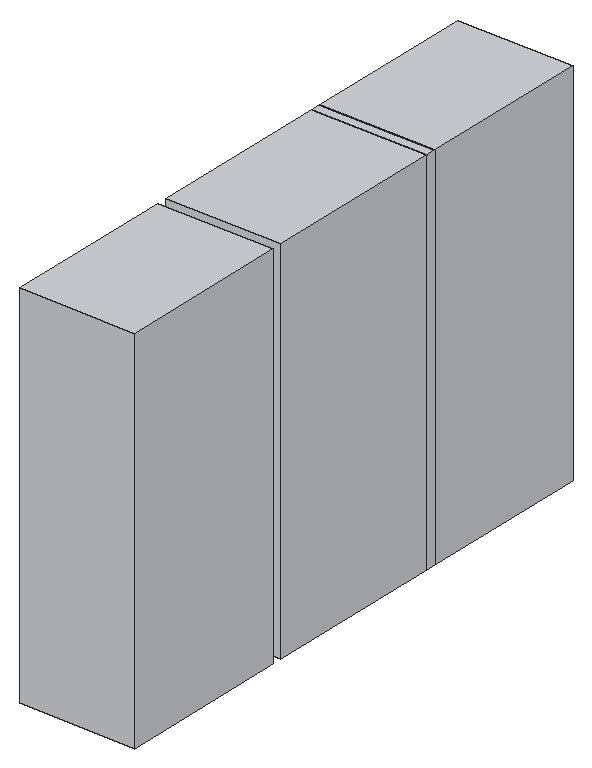
Revit family "MDC-Rack-Master-V2", category Communication Devices, Revit 2023
Family settings
  Round Connector Dimension = Use Diameter
  Part Type = Normal
  Work Plane-Based = No
  Always vertical = Yes
  Cut with Voids When Loaded = No
  Maintain Annotation Orientation = No
  Shared = No
  Room Calculation Point = No
Parameters (values of type "Default")
  Width = 2' - 0"
  Voltage = 120 V
  URL = "https://midwestdesigncreation.com"
  Show Clearance = yes
  Right Manager = no
  Rear Door Visible = and(Is Cabinet, Rear Door)  # yes
  Rear Door = yes
  Rear Clearance = 3' - 0"
  Rack Units = 42
  Post Size = 0' - 2"
  Number of Poles = 1
  Manufacturer = "Midwest Design Creation"
  Manager Width = 0' - 6"
  Left Manager = no
  Is Cabinet = yes
  Is 4 Post = no
  Is 2 Post = no
  Height = Rack Units * 0' 1 3/4" + Frame Allowance  # 6' - 5 1/2"
  Front Door Visible = and(Is Cabinet, Front Door)  # no
  Front Door = no
  Front Clearance = 3' - 0"
  Frame Allowance = 0' - 4"
  Depth = 3' - 6"
  Default Elevation = 0' - 0"
  Apparent Load = 5000 VA
Reference planes (in)
  plane 1 "Center (Front/Back)": y = 0
  plane 2: z = 0
  plane 3 "Center (Left/Right)": x = 0
  plane 4 "Left": x = -12
  plane 5 "Right": x = 12
  plane 6 "Back": y = 42
  plane 7 "Front Clearance": y = -36
  plane 8 "Rear Clearance": y = 78
  plane 9 "Left Post": x = -10
  plane 10 "Right Post": x = 10
  plane 11 "Front Post": y = 2
  plane 12 "Back Post": y = 40
  plane 13 "Mid Depth": y = 21
  plane 14 "Upright Front": y = 20
  plane 15 "Upright Back": y = 22
  plane 16 "Left Manager Outer": x = -18
  plane 17 "Right Manager Outer": x = 18
  plane 18 "Top": z = 77.5
Forms (in)
  Extrusion 1, solid, visible <- "Is Cabinet"
    sketch origin (0, 0, 0) x (1, 0, 0) y (0, 1, 0)
      loop
        line (-12, 2) -> (12, 2) -> (12, 40) -> (-12, 40) -> (-12, 2)
    from 0 to 77.5 <- "Height"
  Extrusion 2, solid, visible <- "Front Door Visible"
    sketch origin (0, 0, 0) x (1, 0, 0) y (0, 1, 0)
      loop
        line (-12, 0) -> (12, 0) -> (12, 2) -> (-12, 2) -> (-12, 0)
    from 0 to 77.5 <- "Height"
  Extrusion 3, solid, visible <- "Rear Door Visible"
    sketch origin (0, 0, 0) x (1, 0, 0) y (0, 1, 0)
      loop
        line (-12, 40) -> (12, 40) -> (12, 42) -> (-12, 42) -> (-12, 40)
    from 0 to 77.5 <- "Height"
  Extrusion 4, solid, visible <- "Is 4 Post"
    sketch origin (0, 0, 0) x (1, 0, 0) y (0, 1, 0)
      loop
        line (-12, 0) -> (-10, 0) -> (-10, 2) -> (-12, 2) -> (-12, 0)
    from 0 to 77.5 <- "Height"
  Extrusion 5, solid, visible <- "Is 4 Post"
    sketch origin (0, 0, 0) x (1, 0, 0) y (0, 1, 0)
      loop
        line (10, 0) -> (12, 0) -> (12, 2) -> (10, 2) -> (10, 0)
    from 0 to 77.5 <- "Height"
  Extrusion 6, solid, visible <- "Is 4 Post"
    sketch origin (0, 0, 0) x (1, 0, 0) y (0, 1, 0)
      loop
        line (-12, 40) -> (-10, 40) -> (-10, 42) -> (-12, 42) -> (-12, 40)
    from 0 to 77.5 <- "Height"
  Extrusion 7, solid, visible <- "Is 4 Post"
    sketch origin (0, 0, 0) x (1, 0, 0) y (0, 1, 0)
      loop
        line (10, 40) -> (12, 40) -> (12, 42) -> (10, 42) -> (10, 40)
    from 0 to 77.5 <- "Height"
  Extrusion 8, solid, visible <- "Is 2 Post"
    sketch origin (0, 0, 0) x (1, 0, 0) y (0, 1, 0)
      loop
        line (-12, 20) -> (-10, 20) -> (-10, 22) -> (-12, 22) -> (-12, 20)
    from 0 to 77.5 <- "Height"
  Extrusion 9, solid, visible <- "Is 2 Post"
    sketch origin (0, 0, 0) x (1, 0, 0) y (0, 1, 0)
      loop
        line (10, 20) -> (12, 20) -> (12, 22) -> (10, 22) -> (10, 20)
    from 0 to 77.5 <- "Height"
  Extrusion 10, solid, visible <- "Is 2 Post"
    sketch origin (0, 0, 0) x (1, 0, 0) y (0, 1, 0)
      loop
        line (-12, 0) -> (-10, 0) -> (-10, 42) -> (-12, 42) -> (-12, 0)
    from 0 to 2 <- "Post Size"
  Extrusion 11, solid, visible <- "Is 2 Post"
    sketch origin (0, 0, 0) x (1, 0, 0) y (0, 1, 0)
      loop
        line (10, 0) -> (12, 0) -> (12, 42) -> (10, 42) -> (10, 0)
    from 0 to 2 <- "Post Size"
  Extrusion 12, solid, visible <- "Left Manager"
    sketch origin (0, 0, 0) x (1, 0, 0) y (0, 1, 0)
      loop
        line (-18, 0) -> (-12, 0) -> (-12, 42) -> (-18, 42) -> (-18, 0)
    from 0 to 77.5 <- "Height"
  Extrusion 13, solid, visible <- "Right Manager"
    sketch origin (0, 0, 0) x (1, 0, 0) y (0, 1, 0)
      loop
        line (12, 0) -> (18, 0) -> (18, 42) -> (12, 42) -> (12, 0)
    from 0 to 77.5 <- "Height"
  Extrusion 14, solid, visible <- "Show Clearance"
    sketch origin (0, 0, 0) x (1, 0, 0) y (0, 1, 0)
      loop
        line (-12, -36) -> (12, -36) -> (12, 0) -> (-12, 0) -> (-12, -36)
    from 0 to 77.5 <- "Height"
  Extrusion 15, solid, visible <- "Show Clearance"
    sketch origin (0, 0, 0) x (1, 0, 0) y (0, 1, 0)
      loop
        line (-12, 42) -> (12, 42) -> (12, 78) -> (-12, 78) -> (-12, 42)
    from 0 to 77.5 <- "Height"
Dimensions and locks (in)
  equal spacing: plane 4 "Left", plane 3 "Center (Left/Right)", plane 5 "Right"
  "Width": plane 4 "Left" to plane 5 "Right"
  "Depth": plane 1 "Center (Front/Back)" to plane 6 "Back"
  "Front Clearance": plane 7 "Front Clearance" to plane 1 "Center (Front/Back)"
  "Rear Clearance": plane 6 "Back" to plane 8 "Rear Clearance"
  "Post Size": plane 4 "Left" to plane 9 "Left Post"
  "Post Size": plane 10 "Right Post" to plane 5 "Right"
  "Post Size": plane 1 "Center (Front/Back)" to plane 11 "Front Post"
  "Post Size": plane 12 "Back Post" to plane 6 "Back"
  equal spacing: plane 1 "Center (Front/Back)", plane 13 "Mid Depth", plane 6 "Back"
  equal spacing: plane 14 "Upright Front", plane 13 "Mid Depth", plane 15 "Upright Back"
  "Post Size": plane 14 "Upright Front" to plane 15 "Upright Back"
  "Manager Width": plane 16 "Left Manager Outer" to plane 4 "Left"
  "Manager Width": plane 5 "Right" to plane 17 "Right Manager Outer"
  "Height": level to plane 18 "Top"
  aligned and locked: plane 2 to level
  aligned and locked: plane 4 "Left" to Extrusion 1
  aligned and locked: Extrusion 1 to plane 5 "Right"
  aligned and locked: Extrusion 1 to plane 11 "Front Post"
  aligned and locked: plane 12 "Back Post" to Extrusion 1
  aligned and locked: plane 4 "Left" to Extrusion 2
  aligned and locked: Extrusion 2 to plane 5 "Right"
  aligned and locked: plane 1 "Center (Front/Back)" to Extrusion 2
  aligned and locked: plane 11 "Front Post" to Extrusion 2
  aligned and locked: plane 4 "Left" to Extrusion 3
  aligned and locked: Extrusion 3 to plane 5 "Right"
  aligned and locked: Extrusion 3 to plane 12 "Back Post"
  aligned and locked: plane 6 "Back" to Extrusion 3
  aligned and locked: plane 4 "Left" to Extrusion 4
  aligned and locked: Extrusion 4 to plane 9 "Left Post"
  aligned and locked: plane 1 "Center (Front/Back)" to Extrusion 4
  aligned and locked: plane 11 "Front Post" to Extrusion 4
  aligned and locked: plane 10 "Right Post" to Extrusion 5
  aligned and locked: Extrusion 5 to plane 5 "Right"
  aligned and locked: plane 1 "Center (Front/Back)" to Extrusion 5
  aligned and locked: plane 11 "Front Post" to Extrusion 5
  aligned and locked: plane 4 "Left" to Extrusion 6
  aligned and locked: Extrusion 6 to plane 9 "Left Post"
  aligned and locked: Extrusion 6 to plane 12 "Back Post"
  aligned and locked: plane 6 "Back" to Extrusion 6
  aligned and locked: plane 10 "Right Post" to Extrusion 7
  aligned and locked: Extrusion 7 to plane 5 "Right"
  aligned and locked: Extrusion 7 to plane 12 "Back Post"
  aligned and locked: plane 6 "Back" to Extrusion 7
  aligned and locked: plane 4 "Left" to Extrusion 8
  aligned and locked: Extrusion 8 to plane 9 "Left Post"
  aligned and locked: Extrusion 8 to plane 14 "Upright Front"
  aligned and locked: plane 15 "Upright Back" to Extrusion 8
  aligned and locked: plane 10 "Right Post" to Extrusion 9
  aligned and locked: Extrusion 9 to plane 5 "Right"
  aligned and locked: Extrusion 9 to plane 14 "Upright Front"
  aligned and locked: plane 15 "Upright Back" to Extrusion 9
  aligned and locked: plane 4 "Left" to Extrusion 10
  aligned and locked: Extrusion 10 to plane 9 "Left Post"
  aligned and locked: plane 1 "Center (Front/Back)" to Extrusion 10
  aligned and locked: plane 6 "Back" to Extrusion 10
  aligned and locked: plane 10 "Right Post" to Extrusion 11
  aligned and locked: Extrusion 11 to plane 5 "Right"
  aligned and locked: plane 1 "Center (Front/Back)" to Extrusion 11
  aligned and locked: plane 6 "Back" to Extrusion 11
  aligned and locked: plane 16 "Left Manager Outer" to Extrusion 12
  aligned and locked: Extrusion 12 to plane 4 "Left"
  aligned and locked: plane 1 "Center (Front/Back)" to Extrusion 12
  aligned and locked: plane 6 "Back" to Extrusion 12
  aligned and locked: plane 5 "Right" to Extrusion 13
  aligned and locked: Extrusion 13 to plane 17 "Right Manager Outer"
  aligned and locked: plane 1 "Center (Front/Back)" to Extrusion 13
  aligned and locked: plane 6 "Back" to Extrusion 13
  aligned and locked: plane 4 "Left" to Extrusion 14
  aligned and locked: Extrusion 14 to plane 5 "Right"
  aligned and locked: Extrusion 14 to plane 7 "Front Clearance"
  aligned and locked: Extrusion 14 to plane 1 "Center (Front/Back)"
  aligned and locked: plane 4 "Left" to Extrusion 15
  aligned and locked: Extrusion 15 to plane 5 "Right"
  aligned and locked: Extrusion 15 to plane 6 "Back"
  aligned and locked: plane 8 "Rear Clearance" to Extrusion 15
Automatic sketch dimensions
  Extrusion 1 sketch curve to plane 4 "Left" = 0' - 0"
  Extrusion 1 sketch curve to plane 5 "Right" = 0' - 0"
  Extrusion 1 sketch curve to plane 11 "Front Post" = 0' - 0"
  Extrusion 1 sketch curve to plane 12 "Back Post" = 0' - 0"
  plane 1 "Center (Front/Back)" to Extrusion 2 sketch curve = 0' - 0"
  Extrusion 2 sketch curve to plane 4 "Left" = 0' - 0"
  Extrusion 2 sketch curve to plane 5 "Right" = 0' - 0"
  Extrusion 2 sketch curve to plane 11 "Front Post" = 0' - 0"
  Extrusion 3 sketch curve to plane 4 "Left" = 0' - 0"
  Extrusion 3 sketch curve to plane 5 "Right" = 0' - 0"
  Extrusion 3 sketch curve to plane 12 "Back Post" = 0' - 0"
  Extrusion 3 sketch curve to plane 6 "Back" = 0' - 0"
  plane 1 "Center (Front/Back)" to Extrusion 4 sketch curve = 0' - 0"
  Extrusion 4 sketch curve to plane 4 "Left" = 0' - 0"
  Extrusion 4 sketch curve to plane 9 "Left Post" = 0' - 0"
  Extrusion 4 sketch curve to plane 11 "Front Post" = 0' - 0"
  plane 1 "Center (Front/Back)" to Extrusion 5 sketch curve = 0' - 0"
  Extrusion 5 sketch curve to plane 10 "Right Post" = 0' - 0"
  Extrusion 5 sketch curve to plane 5 "Right" = 0' - 0"
  Extrusion 5 sketch curve to plane 11 "Front Post" = 0' - 0"
  Extrusion 6 sketch curve to plane 4 "Left" = 0' - 0"
  Extrusion 6 sketch curve to plane 6 "Back" = 0' - 0"
  Extrusion 6 sketch curve to plane 9 "Left Post" = 0' - 0"
  Extrusion 6 sketch curve to plane 12 "Back Post" = 0' - 0"
  Extrusion 7 sketch curve to plane 10 "Right Post" = 0' - 0"
  Extrusion 7 sketch curve to plane 5 "Right" = 0' - 0"
  Extrusion 7 sketch curve to plane 12 "Back Post" = 0' - 0"
  Extrusion 7 sketch curve to plane 6 "Back" = 0' - 0"
  Extrusion 8 sketch curve to plane 4 "Left" = 0' - 0"
  Extrusion 8 sketch curve to plane 9 "Left Post" = 0' - 0"
  Extrusion 8 sketch curve to plane 14 "Upright Front" = 0' - 0"
  Extrusion 8 sketch curve to plane 15 "Upright Back" = 0' - 0"
  Extrusion 9 sketch curve to plane 10 "Right Post" = 0' - 0"
  Extrusion 9 sketch curve to plane 5 "Right" = 0' - 0"
  Extrusion 9 sketch curve to plane 14 "Upright Front" = 0' - 0"
  Extrusion 9 sketch curve to plane 15 "Upright Back" = 0' - 0"
  plane 1 "Center (Front/Back)" to Extrusion 10 sketch curve = 0' - 0"
  Extrusion 10 sketch curve to plane 4 "Left" = 0' - 0"
  Extrusion 10 sketch curve to plane 6 "Back" = 0' - 0"
  Extrusion 10 sketch curve to plane 9 "Left Post" = 0' - 0"
  plane 1 "Center (Front/Back)" to Extrusion 11 sketch curve = 0' - 0"
  Extrusion 11 sketch curve to plane 10 "Right Post" = 0' - 0"
  Extrusion 11 sketch curve to plane 5 "Right" = 0' - 0"
  Extrusion 11 sketch curve to plane 6 "Back" = 0' - 0"
  plane 1 "Center (Front/Back)" to Extrusion 12 sketch curve = 0' - 0"
  Extrusion 12 sketch curve to plane 16 "Left Manager Outer" = 0' - 0"
  Extrusion 12 sketch curve to plane 4 "Left" = 0' - 0"
  Extrusion 12 sketch curve to plane 6 "Back" = 0' - 0"
  plane 1 "Center (Front/Back)" to Extrusion 13 sketch curve = 0' - 0"
  Extrusion 13 sketch curve to plane 5 "Right" = 0' - 0"
  Extrusion 13 sketch curve to plane 6 "Back" = 0' - 0"
  Extrusion 13 sketch curve to plane 17 "Right Manager Outer" = 0' - 0"
  Extrusion 14 sketch curve to plane 4 "Left" = 0' - 0"
  plane 1 "Center (Front/Back)" to Extrusion 14 sketch curve = 0' - 0"
  Extrusion 14 sketch curve to plane 5 "Right" = 0' - 0"
  Extrusion 14 sketch curve to plane 7 "Front Clearance" = 0' - 0"
  Extrusion 15 sketch curve to plane 4 "Left" = 0' - 0"
  Extrusion 15 sketch curve to plane 5 "Right" = 0' - 0"
  Extrusion 15 sketch curve to plane 6 "Back" = 0' - 0"
  Extrusion 15 sketch curve to plane 8 "Rear Clearance" = 0' - 0"
Connectors (in)
  electrical at (0, 21, 77.5), driven by "Voltage", driven by "Number of Poles", driven by "Apparent Load"
    settings: on Extrusion 1, index 1, voltage 120 V, apparent load 5000 VA, apparent load phase1 0 VA, apparent load phase2 0 VA, apparent load phase3 0 VA, power factor 1, load classification "Other", number of poles 1, system type 30, power factor state 1, is connector primary yes, connector utility no, sub classification motor no, connector description ""
